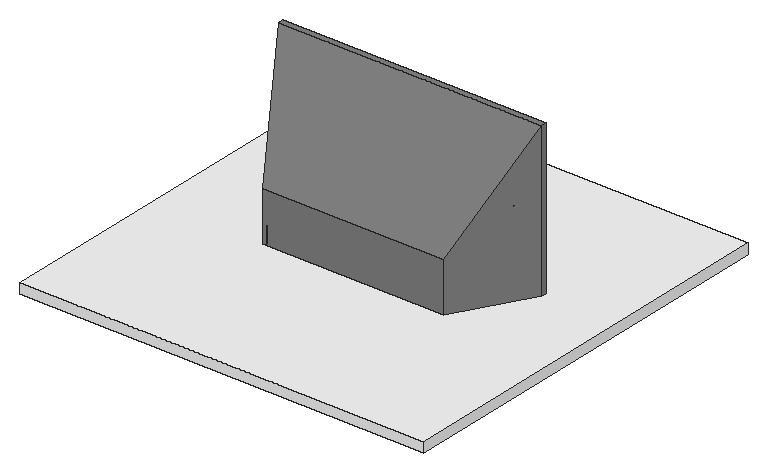
Revit family "BE_50198.5_de_DE", category Leuchten, Revit 2015
Parameters (values of type "BEGA_50198.5_K4")
  built-in parameter 1150104 = 11.678 (stored number, unit not read)
  Wattage = 18.9 W
  Default Elevation = 0 mm
  built-in parameter 1150113 = 1 (stored number, unit not read)
  built-in parameter 1114218 = 1 (stored number, unit not read)
  Umgebungstemperatur = "25 °C"
  URL = "http://www.bega.de/produkt/50198.5"
  Typenkommentare = "© 2017 BEGA. Wir behalten uns das Recht vor, technische Änderungen ohne vorherige Ankündigung vorzunehmen."  # constant formula
  built-in parameter 1150134 = 12
  built-in parameter 1150109 = 1 (stored number, unit not read)
  Strom = ""
  built-in parameter 1150110 = 1 (stored number, unit not read)
  Spannung = 239.996 V
  Sonderanfertigung = no
  Seriennummer [instance] = "Hier können Sie die eindeutige Seriennummer für das Facility Management eintragen."
  Schutzklasse = "I"
  Schutzart = "IP 65"
  Scheinlast = 0 VA
  Produktdatenblatt = "http://www.bega.de/download/Xrfa/db/50198.5.db.de.pdf"
  Oberflächentemperatur = ""
  Neigungswinkel = 0.00°
  Modell = "50198.5K4"
  Material_17 = BEGA_Reflektor
  Material_15 = BEGA_Leuchtmedium_matt
  Material_11 = BEGA_Glas_opal
  Material_09 = BEGA_Glas_klar
  Material_06 = BEGA_Oberfläche_Edelstahl_gebürstet
  Material_05 = BEGA_Oberfläche_Aluminium Guss
  Material_03 = BEGA_Oberfläche_Weiss_matt
  Material_02 = BEGA_Oberfläche_Silber_matt
  Material_01 [instance] = BEGA_Oberfläche_Grafit_matt
  M_W = no
  M_G = no
  M_A = no
  Logo = 0
  built-in parameter 1114217 = 1 (stored number, unit not read)
  built-in parameter 1150139 = (empty or 0)
  built-in parameter 1150105 = 189.05 (stored number, unit not read)
  built-in parameter 1150114 = 1 (stored number, unit not read)
  Lumens = 2375.73 lm
  built-in parameter 1150115 = 1 (stored number, unit not read)
  Leuchtenlichtstrom = "1783 lm"
  Leuchtenanzahl = ""
  Lebensdauerkriterien = "L70B50 @ 25 °C = 240000 h"
  Lastklassifizierung = Beleuchtung
  built-in parameter 1150112 = 1 (stored number, unit not read)
  Lampenlichtstrom = "2375 lm"
  Lampe = "LED 18.9 W"
  LED_Modulbezeichnung = "LED-0590/840 "
  Hersteller = "BEGA"  # constant formula
  Halbstreuwinkel = ""
  Gewicht = "1.7 kg"
  Gebrauchslageneinschränkung [instance] = ""
  Frequenz = "0/50-60 Hz"
  Farbwiedergabeindex = "Ra > 80"
  Farbtemperaturverschiebung bei Dämpfen der Lampe = <Keine Auswahl>
  Farbtemperatur = "4000 K"
  Color Filter = 16777215
  built-in parameter 1150133 = 10 (stored number, unit not read)
  Energieeffizienzklasse = "LED A++ - A"
  built-in parameter 1150137 = (empty or 0)
  built-in parameter 1150132 = (empty or 0)
  ENEC = ""
  Dimmbar [instance] = "DALI"
  Datei für fotometrisches Netz = "BE_50198K4.IES"
  CE_Konformität = "ja"
  Bestellnummer = "50198.5K4"
  Beschreibung_Sonderanfertigung = "Hier können Sie Informationen zur Sonderanfertigung eintragen."
  Beschreibung = "Wandfluter"
  built-in parameter 1150106 = 1.8905 (stored number, unit not read)
  Befestigungsbohrung = "Ø 4,5 mm"
  Befestigungsabstand = "190 mm"
  Ballwurfsicher = ""
  BEGA_Intern_aus = yes
  BEGA_Intern_an = yes
  BEGA_Intern_Konstruktion = yes
  BEGA_Intern = yes
  BEGA_IES = yes
  BEGA_Dummy = no
  Anschlussleitung = ""
  Anschlussleistung [instance] = "21.8 W"
  Anschlusskasten = ""
  built-in parameter 1150107 = 4000 (stored number, unit not read)
  built-in parameter 1150102 = (empty or 0)
  built-in parameter 1150138 = (empty or 0)
  Aktualisierung = "2017-07-18T04:09:01"
  Abstand_zur_angestrahlten_Fläche [instance] = ""
  AC/DC = "AC/DC"
Types (2, lengths in mm): name | built-in parameter 1150104 | built-in parameter 1150134 | Modell | built-in parameter 1150105 | Lumens | Leuchtenlichtstrom | Lampenlichtstrom | LED_Modulbezeichnung | Farbtemperatur | Datei für fotometrisches Netz | Bestellnummer | built-in parameter 1150106 | built-in parameter 1150107
  BEGA_50198.5_K4 | 11.678 (stored number, unit not read) | 12 | "50198.5K4" | 189.05 (stored number, unit not read) | 2375.73 lm | "1783 lm" | "2375 lm" | "LED-0590/840 " | "4000 K" | "BE_50198K4.IES" | "50198.5K4" | 1.8905 (stored number, unit not read) | 4000 (stored number, unit not read)
  BEGA_50198.5_K3 | 10.86 (stored number, unit not read) | (empty or 0) | "50198.5" | 175.82 (stored number, unit not read) | 2209.41 lm | "1659 lm" | "2210 lm" | "LED-0590/830 " | "3000 K" | "BE_50198.IES" | "50198.5" | 1.7582 (stored number, unit not read) | 3000 (stored number, unit not read)
Reference planes
  plane 1 "Mitte (Vorne/Hinten)": y = 0
  plane 2: z = 0
  plane 3 "Mitte (Links/Rechts)": x = 0
  plane 4 "Links": x = -129.913
  plane 5 "Rechts": x = 129.913
  plane 6 "Unten": y = -38
  plane 7 "Oben": y = 39.8
  plane 8 "Vorne": z = 152.913
  plane 9 "Hinten": z = 0
Forms (mm)
  Extrusion 1, solid, material "BEGA_Platte_Weiss"
    sketch origin (0, -1119.2, 0) x (1, 0, 0) y (0, 1, 0)
      loop
        line (-200, 1319.2) -> (-200, 919.2) -> (200, 919.2) -> (200, 1319.2) -> (-200, 1319.2)
    from 0 to -10
  Extrusion 2, solid, material "BEGA_Dummy_matt", visible <- "BEGA_Dummy"
    sketch origin (80.095, -76.023, 0) x (1, 0, 0) y (0, 1, 0)
      loop
        line (-210.008, 115.823) -> (-210.008, 38.023) -> (49.817, 38.023) -> (49.817, 115.823) -> (-210.008, 115.823)
    from 0 to 152.913
Dimensions and locks
  plane 1 "Mitte (Vorne/Hinten)" to Extrusion 1 = 200 mm
  aligned and locked: plane 2 to Extrusion 1
  aligned and locked: level to Extrusion 1
Nested families
  nested 1: "BE_50198.5" at (0, 0, 0), type "BE_50198.5"
Connectors
  electrical at (0, 0, 0), driven by "Lastklassifizierung", driven by "Spannung", driven by "Scheinlast"
    settings: index 1, voltage 239.996 V, apparent load 0 VA, apparent load phase1 0 VA, apparent load phase2 0 VA, apparent load phase3 0 VA, power factor 1, load classification "Beleuchtung", number of poles 1, system type 31, power factor state 1, is connector primary yes, connector utility no, sub classification motor no, connector description ""
Definition of nested family "BE_50198.5"
  Parameters (values of type "BE_50198.5")
    Default Elevation = 1 mm
    URL = "http://www.bega.de/de/produkt"
    Type Comments = "© 2015 BEGA. Wir behalten uns das Recht vor, technische Änderungen ohne vorherige Ankündigung vorzunehmen. "  # constant formula
    Type Image = (empty or 0)
    Neigungswinkel_um_Z2 = 0.00°
    Neigungswinkel_um_Z1 = 0.00°
    Neigungswinkel_um_Y2 = 0.00°
    Neigungswinkel_um_Y1 = 0.00°
    Neigungswinkel_um_X2 = 0.00°
    Neigungswinkel_um_X1 = 0.00°
    Material_17 = none
    Material_15 = none
    Material_11 = none
    Material_09 = none
    Material_06 = none
    Material_05 = none
    Material_03 = none
    Material_02 = none
    Material_01 = none
    M_W = yes
    M_G = yes
    M_A = yes
    Länge_Platte = 400 mm  # constant formula
    Höhe_Platte = -10 mm  # constant formula
    Manufacturer = "BEGA"  # constant formula
    Drehwinkel_um_Z2 = 0.00°
    Drehwinkel_um_Z1 = 0.00°
    Breite_Platte = 200 mm  # constant formula
  Reference planes
    plane 1 "Mitte (Oben/Unten)": y = 0
    plane 2: z = 0
    plane 3 "Mitte (Links/Rechts)": x = 0
    plane 4: x = -129.913
    plane 5: x = 129.913
    plane 6: z = 152.913
    plane 7: y = -38
    plane 8: y = 39.8
  Forms (mm)
    Extrusion 1, solid, detail levels medium
      sketch origin (0, 0, 0) x (1, 0, 0) y (0, 1, 0)
        loop
          line (-200, 100) -> (-200, -100) -> (200, -100) -> (200, 100) -> (-200, 100)
      from 0 to -10 <- "Höhe_Platte"
    Extrusion 2, solid, material <- "Material_01", detail levels medium+fine
      sketch origin (0, 0, 0) x (0, 1, 0) y (0, 0, 1)
        loop
          line (-38, 2) -> (38, 2) -> (38, 152.913) -> (33.061, 152.913) -> (-38, 50.56) -> (-38, 2)
      from -129.913 to 129.913
    Extrusion 3, void
      sketch origin (0, 0, 0) x (1, 0, 0) y (0, 1, 0)
        loop
          line (-133.346, 39.188) -> (-133.346, -41.243) -> (-87.586, -41.243) -> (-133.346, 39.188)
        loop
          line (133.346, 39.188) -> (87.586, -41.243) -> (133.346, -41.243) -> (133.346, 39.188)
      from 0 to 155.937
    Blend 4, void
      base sketch origin (0, -36.301, 2) x (0, -1, 0) y (1, 0, 0)
        loop
          line (-0.439, -79.142) -> (-0.439, 79.142) -> (-70.439, 118.968) -> (-70.439, -118.968) -> (-0.439, -79.142)
      top sketch origin (0, 35.5, 152.913) x (0, -1, 0) y (1, 0, 0)
        loop
          line (9.992, -117.578) -> (9.992, 117.578) -> (1.362, 117.578) -> (1.362, -117.578) -> (9.992, -117.578)
      from 0 to -12.516
    Extrusion 5, solid, material <- "Material_01", detail levels medium+fine
      sketch origin (0, 0, 0) x (1, 0, 0) y (0, 1, 0)
        loop
          line (-85.604, -33.242) -> (85.604, -33.242) -> (122.064, 30.842) -> (-122.064, 30.842) -> (-85.604, -33.242)
        loop
          line (-84.092, -30.642) -> (84.092, -30.642) -> (117.593, 28.242) -> (-117.593, 28.242) -> (-84.092, -30.642)
      from 0 to 36.849
    Extrusion 6, solid, material <- "Material_01", detail levels medium+fine
      sketch origin (0, 0, 0) x (1, 0, 0) y (0, 1, 0)
        loop
          line (-87.084, -30.642) -> (84.092, -30.642) -> (117.593, 28.242) -> (-120.584, 28.242) -> (-87.084, -30.642)
      from 8 to 11
    Extrusion 7, void
      sketch origin (0, 0, 0) x (0, 1, 0) y (0, 0, 1)
        loop
          line (32.601, 151) -> (32.601, 40.129) -> (38.951, 40.129) -> (38.951, 151) -> (32.601, 151)
      from -127.703 to 127.391
    Extrusion 8, solid, material <- "Material_17", detail levels medium+fine
      sketch origin (0, 0, 0) x (0, 1, 0) y (0, 0, 1)
        loop
          line (33.8, 146.195) -> (33, 146.195) -> (33, 138.172) -> (12, 104.172) -> (12, 87.718) -> (33, 53.718) -> (33, 45.695) -> (33.8, 45.695) -> (33.8, 53.945) -> (12.8, 87.945) -> (12.8, 103.945) -> (33.8, 137.945) -> (33.8, 146.195)
      from -117.578 to 117.578
    Extrusion 9, solid, material <- "Material_17", detail levels medium+fine
      sketch origin (0, 0, 0) x (1, 0, 0) y (0, 1, 0)
        loop
          line (117.256, 33.015) -> (30.236, 11.302) -> (30.474, 10.473) -> (117.464, 32.179) -> (117.256, 33.015)
        loop
          line (-117.256, 33.015) -> (-117.464, 32.179) -> (-30.474, 10.473) -> (-30.236, 11.302) -> (-117.256, 33.015)
      from 45.695 to 138.172
    Extrusion 10, void
      sketch origin (0, 0, 0) x (0, 1, 0) y (0, 0, 1)
        loop
          line (11.589, 101.945) -> (11.589, 89.945) -> (13.28, 89.945) -> (13.28, 101.945) -> (11.589, 101.945)
      from -28.58 to 28.473
    Extrusion 11, solid, material <- "Material_15", detail levels medium+fine
      sketch origin (0, 0, 0) x (1, 0, 0) y (0, 0, 1)
        loop
          line (27.973, 90.445) -> (27.973, 101.445) -> (-28.08, 101.445) -> (-28.08, 90.445) -> (27.973, 90.445)
      from -10.824 to -9.8
    Extrusion 12, void
      sketch origin (0, 0, 0) x (0, 1, 0) y (0, 0, 1)
        loop
          line (27.969, 143.436) -> (5.653, 143.436) -> (5.653, 111.294) -> (27.969, 143.436)
      from -82.112 to 102.734
    Extrusion 13, solid, material <- "Material_09", detail levels medium+fine
      sketch origin (0, 0, 0) x (0, 1, 0) y (0, 0, 1)
        loop
          line (33.8, 40.129) -> (39.8, 40.129) -> (39.8, 150.85) -> (33.8, 150.85) -> (33.8, 40.129)
      from -127.703 to 127.391
    Extrusion 14, solid, material <- "Material_01", detail levels medium+fine
      sketch origin (0, 0, 0) x (0, 1, 0) y (0, 0, 1)
        loop
          line (33.8, 45.695) -> (29.088, 45.695) -> (29.088, 35.573) -> (33.8, 35.573) -> (33.8, 45.695)
      from -127.517 to 127.391
    Extrusion 15, void
      sketch origin (0, 0, 0) x (1, 0, 0) y (0, 1, 0)
        loop
          circle (-95, -4.4) r 2.75
        loop
          circle (95, -4.4) r 2.75
        loop
          circle (-70, 13.6) r 8.5
        loop
          circle (-70, -13.4) r 8.5
      from 0 to 15
    Extrusion 16, void
      sketch origin (0, -36.301, 2) x (0, -1, 0) y (1, 0, 0)
        loop
          line (-0.425, 78.067) -> (-0.425, 86.66) -> (-70.439, 126.494) -> (-70.439, 117.901) -> (-0.425, 78.067)
      from 0 to 22.216
    Extrusion 17, void
      sketch origin (0, -36.301, 2) x (0, -1, 0) y (1, 0, 0)
        loop
          line (-0.425, -78.067) -> (-70.439, -117.901) -> (-70.439, -126.494) -> (-0.425, -86.66) -> (-0.425, -78.067)
      from 0 to 22.216
    Extrusion 18, void
      sketch origin (0, 0, 0) x (1, 0, 0) y (0, 0, 1)
        loop
          line (-100.787, 28.5) -> (-100.787, 26.5)
          arc (-100.787, 26.5) -> (-97.613, 23.326) -> (-94.438, 26.5) r 3.174
          line (-94.438, 26.5) -> (-94.438, 28.5)
          arc (-94.438, 28.5) -> (-97.613, 31.674) -> (-100.787, 28.5) r 3.174
        loop
          arc (100.787, 28.5) -> (97.613, 31.674) -> (94.438, 28.5) r 3.174
          line (94.438, 28.5) -> (94.438, 26.5)
          arc (94.438, 26.5) -> (97.613, 23.326) -> (100.787, 26.5) r 3.174
          line (100.787, 26.5) -> (100.787, 28.5)
      from -38.951 to -27.699
  Cuts and joins
    Extrusion 3, Blend 4, Extrusion 7, Extrusion 10, Extrusion 16, Extrusion 17, Extrusion 18 cuts Extrusion 2
    Extrusion 17, Extrusion 18 cuts Extrusion 14
    joined: Extrusion 2, Extrusion 14
    Extrusion 15, Extrusion 17, Extrusion 18 cuts Extrusion 5
    Extrusion 15, Extrusion 18 cuts Extrusion 6
    joined: Extrusion 5, Extrusion 6
    Extrusion 3, Extrusion 10, Extrusion 12, Extrusion 15 cuts Extrusion 8
    Extrusion 10, Extrusion 12, Extrusion 15 cuts Extrusion 9
    joined: Extrusion 8, Extrusion 9
  Dimensions and locks
    equal spacing: Extrusion 1 sketch curve, plane 3 "Mitte (Links/Rechts)", Extrusion 1 sketch curve
    equal spacing: Extrusion 1 sketch curve, plane 1 "Mitte (Oben/Unten)", Extrusion 1 sketch curve
    "Länge_Platte": Extrusion 1 sketch curve to Extrusion 1 sketch curve
    "Breite_Platte": Extrusion 1 sketch curve to Extrusion 1 sketch curve
    aligned and locked: plane 2 to Extrusion 1
    aligned and locked: level to Extrusion 1
  Automatic sketch dimensions
    plane 1 "Mitte (Oben/Unten)" to Extrusion 2 sketch curve = 38 mm
    Extrusion 2 sketch curve to plane 1 "Mitte (Oben/Unten)" = 33.061 mm
    level to Extrusion 2 sketch curve = 2 mm
    Extrusion 2 sketch curve to plane 1 "Mitte (Oben/Unten)" = 38 mm
    Extrusion 2 sketch curve to Extrusion 2 sketch curve = 48.56 mm
    Extrusion 3 sketch curve to Extrusion 3 sketch curve = 45.76 mm  (x2)
    plane 1 "Mitte (Oben/Unten)" to Extrusion 3 sketch curve = 41.243 mm  (x2)
    plane 3 "Mitte (Links/Rechts)" to Extrusion 3 sketch curve = 87.586 mm
    Extrusion 3 sketch curve to plane 1 "Mitte (Oben/Unten)" = 39.188 mm  (x2)
    Extrusion 2 to Blend 4 sketch curve = 3.862 mm
    Blend 4 sketch curve to Extrusion 2 = 2.138 mm
    Blend 4 sketch curve to Extrusion 2 = 10.945 mm  (x2)
    Blend 4 sketch curve to Extrusion 2 = 50.77 mm  (x2)
    Blend 4 sketch curve to Extrusion 2 = 1.077 mm
    Extrusion 2 to Blend 4 sketch curve = 7.553 mm
    Extrusion 2 to Blend 4 sketch curve = 12.335 mm  (x2)
    Extrusion 5 sketch curve to plane 1 "Mitte (Oben/Unten)" = 30.842 mm
    Extrusion 5 sketch curve to Extrusion 5 sketch curve = 4.471 mm  (x2)
    plane 1 "Mitte (Oben/Unten)" to Extrusion 5 sketch curve = 33.242 mm
    Extrusion 5 sketch curve to Extrusion 5 sketch curve = 31.989 mm
    Extrusion 5 sketch curve to Extrusion 5 sketch curve = 1.512 mm  (x2)
    plane 1 "Mitte (Oben/Unten)" to Extrusion 5 sketch curve = 30.642 mm
    plane 3 "Mitte (Links/Rechts)" to Extrusion 5 sketch curve = 84.092 mm
    Extrusion 5 sketch curve to plane 1 "Mitte (Oben/Unten)" = 28.242 mm
    Extrusion 5 sketch curve to Extrusion 5 sketch curve = 33.501 mm
    Extrusion 6 sketch curve to plane 1 "Mitte (Oben/Unten)" = 28.242 mm
    plane 1 "Mitte (Oben/Unten)" to Extrusion 6 sketch curve = 30.642 mm
    Extrusion 6 sketch curve to Extrusion 6 sketch curve = 33.501 mm  (x2)
    plane 3 "Mitte (Links/Rechts)" to Extrusion 6 sketch curve = 84.092 mm
    Extrusion 7 sketch curve to plane 1 "Mitte (Oben/Unten)" = 32.601 mm
    Extrusion 7 sketch curve to Extrusion 7 sketch curve = 6.351 mm
    level to Extrusion 7 sketch curve = 40.129 mm
    Extrusion 8 sketch curve to plane 1 "Mitte (Oben/Unten)" = 12 mm
    Extrusion 8 sketch curve to Extrusion 8 sketch curve = 0.8 mm  (x3)
    Extrusion 8 sketch curve to plane 1 "Mitte (Oben/Unten)" = 33 mm  (x2)
    level to Extrusion 8 sketch curve = 45.695 mm
    Extrusion 8 sketch curve to Extrusion 8 sketch curve = 8.023 mm  (x2)
    Extrusion 8 sketch curve to Extrusion 8 sketch curve = 0.227 mm  (x4)
    Extrusion 8 sketch curve to Extrusion 8 sketch curve = 34 mm  (x2)
    Extrusion 8 sketch curve to Extrusion 8 sketch curve = 16 mm
    Extrusion 9 sketch curve to plane 1 "Mitte (Oben/Unten)" = 32.179 mm
    Extrusion 9 sketch curve to plane 1 "Mitte (Oben/Unten)" = 33.015 mm  (x2)
    Extrusion 9 sketch curve to Extrusion 9 sketch curve = 0.209 mm
    Extrusion 9 sketch curve to plane 1 "Mitte (Oben/Unten)" = 10.473 mm  (x2)
    Extrusion 9 sketch curve to plane 1 "Mitte (Oben/Unten)" = 11.302 mm  (x2)
    plane 3 "Mitte (Links/Rechts)" to Extrusion 9 sketch curve = 30.236 mm
    Extrusion 9 sketch curve to Extrusion 9 sketch curve = 0.238 mm
    Extrusion 10 sketch curve to plane 1 "Mitte (Oben/Unten)" = 11.589 mm
    Extrusion 10 sketch curve to Extrusion 10 sketch curve = 1.691 mm
    level to Extrusion 10 sketch curve = 89.945 mm
    Extrusion 10 sketch curve to Extrusion 10 sketch curve = 12 mm
    Extrusion 11 sketch curve to plane 3 "Mitte (Links/Rechts)" = 28.08 mm
    plane 3 "Mitte (Links/Rechts)" to Extrusion 11 sketch curve = 27.973 mm
    level to Extrusion 11 sketch curve = 90.445 mm
    Extrusion 11 sketch curve to Extrusion 11 sketch curve = 11 mm
    Extrusion 12 sketch curve to plane 1 "Mitte (Oben/Unten)" = 5.653 mm
    Extrusion 12 sketch curve to Extrusion 12 sketch curve = 22.315 mm
    Extrusion 12 sketch curve to Extrusion 12 sketch curve = 32.142 mm
    Extrusion 13 sketch curve to plane 1 "Mitte (Oben/Unten)" = 33.8 mm
    Extrusion 13 sketch curve to Extrusion 13 sketch curve = 6 mm
    level to Extrusion 13 sketch curve = 40.129 mm
    Extrusion 14 sketch curve to plane 1 "Mitte (Oben/Unten)" = 29.088 mm
    Extrusion 14 sketch curve to Extrusion 14 sketch curve = 4.712 mm
    level to Extrusion 14 sketch curve = 35.573 mm
    Extrusion 14 sketch curve to Extrusion 14 sketch curve = 10.122 mm
    plane 1 "Mitte (Oben/Unten)" to Extrusion 15 sketch curve = 4.4 mm  (x2)
    Extrusion 15 sketch curve to plane 3 "Mitte (Links/Rechts)" = 95 mm
    Extrusion 15 sketch curve to plane 1 "Mitte (Oben/Unten)" = 13.6 mm
    Extrusion 15 sketch curve to Extrusion 15 sketch curve = 25 mm  (x2)
    plane 3 "Mitte (Links/Rechts)" to Extrusion 15 sketch curve = 95 mm
    plane 1 "Mitte (Oben/Unten)" to Extrusion 15 sketch curve = 13.4 mm
    Extrusion 2 to Extrusion 16 sketch curve = 3.862 mm
    Extrusion 16 sketch curve to Extrusion 2 = 2.123 mm
    Extrusion 16 sketch curve to Extrusion 2 = 51.846 mm
    Extrusion 16 sketch curve to Extrusion 16 sketch curve = 8.593 mm
    Extrusion 16 sketch curve to Extrusion 2 = 12.012 mm
    Extrusion 16 sketch curve to Extrusion 2 = 3.419 mm
    Extrusion 2 to Extrusion 17 sketch curve = 3.862 mm
    Extrusion 17 sketch curve to Extrusion 2 = 2.123 mm
    Extrusion 17 sketch curve to Extrusion 2 = 3.419 mm
    Extrusion 17 sketch curve to Extrusion 17 sketch curve = 8.593 mm  (x2)
    Extrusion 17 sketch curve to Extrusion 2 = 43.253 mm
    level to Extrusion 18 sketch curve = 28.5 mm  (x2)
    Extrusion 18 sketch curve to Extrusion 18 sketch curve = 3.174 mm  (x2)
    plane 3 "Mitte (Links/Rechts)" to Extrusion 18 sketch curve = 94.438 mm
    Extrusion 18 sketch curve to Extrusion 18 sketch curve = 2 mm  (x2)
    Extrusion 3 sketch curve to plane 3 "Mitte (Links/Rechts)" = 87.586 mm
    Extrusion 5 sketch curve to plane 3 "Mitte (Links/Rechts)" = 84.092 mm
    Extrusion 6 sketch curve to plane 3 "Mitte (Links/Rechts)" = 87.084 mm
    Extrusion 9 sketch curve to plane 3 "Mitte (Links/Rechts)" = 30.236 mm
    Extrusion 18 sketch curve to plane 3 "Mitte (Links/Rechts)" = 94.438 mm
    Extrusion 9 sketch curve to Extrusion 9 sketch curve = 86.782 mm
    Extrusion 2 sketch curve to Extrusion 2 sketch curve = 102.353 mm
    Extrusion 7 sketch curve to Extrusion 7 sketch curve = 110.871 mm
    level to Extrusion 12 sketch curve = 111.294 mm
    Extrusion 13 sketch curve to Extrusion 13 sketch curve = 110.721 mm
    radius of Extrusion 15 sketch curve = 2.75 mm  (x2)
    radius of Extrusion 15 sketch curve = 8.5 mm  (x2)
